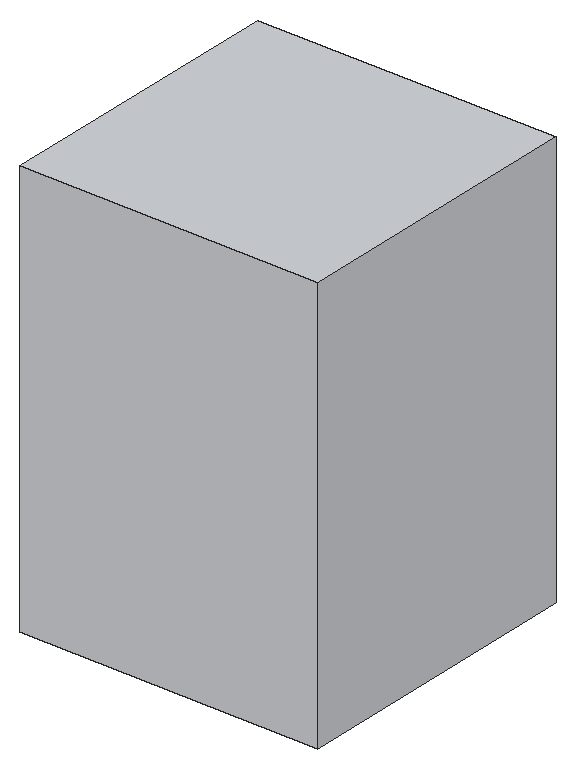
Revit family "5a54e2da796c4a7fbd5ba33e84a8d84f", category Site, Revit 2021
Family settings
  Round Connector Dimension = Use Radius
  Part Type = Normal
  Seek Item ID = Gas Connection-0000-USA-ENU
  Work Plane-Based = No
  Always vertical = Yes
  Cut with Voids When Loaded = No
  Shared = No
Parameters (values of type "28"x28"")
  Width = 3' - 4"
  Outlet Radius [instance] = 0' - 1"
  Outlet Diameter [instance] = 2 * Outlet Radius  # 0' - 2"
  Length = 3' - 4"
  Inlet Radius [instance] = 0' - 1"
  Inlet Offset from Outlet [instance] = 0' - 0"
  Well Top Offset from Level [instance] = 0' - 8"
  Inlet Center Offset from Level [instance] = 3' - 3"
  Inlet Diameter [instance] = 2 * Inlet Radius  # 0' - 2"
  Height = 4' - 8"
Types (3): name | Width | Outlet Radius | Outlet Diameter | Length | Inlet Radius | Inlet Center Offset from Level | Inlet Diameter | Height
  (no name) | 3' - 4" | 0' - 1" | 0' - 2" | 3' - 4" | 0' - 1" | 3' - 3" | 0' - 2" | 4' - 8"
  28"x28" | 3' - 4" | 0' - 1" | 0' - 2" | 3' - 4" | 0' - 1" | 3' - 3" | 0' - 2" | 4' - 8"
  40"x40" | 4' - 4" | 0' - 2" | 0' - 4" | 4' - 4" | 0' - 2" | 4' - 10" | 0' - 4" | 6' - 4"
Reference planes (in)
  plane 1 "Center (Front/Back)": y = 0
  plane 2: z = 0
  plane 3 "Center (Left/Right)": x = 0
  plane 4: z = -39
  plane 5: x = 40
  plane 6: z = -8
  plane 7: z = -64
  plane 8: y = 20
  plane 9: y = -20
  plane 10: z = -39
  plane 11: x = 20
Forms (in)
  Extrusion 1, solid
    sketch origin (0, 0, 0) x (1, 0, 0) y (0, 0, 1)
      loop
        line (0, -8) -> (0, -64) -> (40, -64) -> (40, -8) -> (0, -8)
    from -20 to 20
  Extrusion 2, solid
    sketch origin (0, 0, 0) x (0, 1, 0) y (0, 0, 1)
      loop
        circle (0, -39) r 1
    from 0 to 12
  Extrusion 3, solid
    sketch origin (0, 0, 0) x (0, 1, 0) y (0, 0, 1)
      loop
        circle (0, -39) r 1
    from 31.96151 to 40
Cuts and joins
  joined: Extrusion 1, Extrusion 2, Extrusion 3
Lines and regions (in)
  symbolic lines
    curve 1: line (0, 20, 0) -> (40, 20, 0)
    curve 2: line (0, -20, 0) -> (0, 20, 0)
    curve 3: line (40, -20, 0) -> (0, -20, 0)
    curve 4: line (40, 20, 0) -> (40, -20, 0)
Dimensions and locks (in)
  "Length": plane 5 to plane 3 "Center (Left/Right)"
  "Height": plane 6 to plane 7
  equal spacing: plane 9, plane 1 "Center (Front/Back)", plane 8
  "Width": plane 8 to plane 9
  "Inlet Offset from Outlet": plane 10 to plane 4
  "Well Top Offset from Level": plane 2 to plane 6
  "Inlet Center Offset from Level": plane 2 to plane 10
  equal spacing: plane 3 "Center (Left/Right)", plane 11, plane 5
  "Inlet Radius": radius of Extrusion 2 sketch curve
  "Outlet Radius": radius of Extrusion 3 sketch curve
  aligned and locked: level to plane 2
  aligned and locked: plane 3 "Center (Left/Right)" to Extrusion 1 sketch curve
  aligned and locked: Extrusion 1 sketch curve to plane 6
  aligned and locked: plane 7 to Extrusion 1 sketch curve
  aligned and locked: Extrusion 1 sketch curve to plane 5
  aligned and locked: plane 8 to Extrusion 1
  aligned and locked: Extrusion 1 to plane 9
  aligned and locked: plane 10 to Extrusion 2 sketch curve
  aligned and locked: plane 1 "Center (Front/Back)" to Extrusion 2 sketch curve
  aligned and locked: plane 4 to Extrusion 3 sketch curve
  aligned and locked: plane 1 "Center (Front/Back)" to Extrusion 3 sketch curve
  aligned and locked: Extrusion 2 to plane 3 "Center (Left/Right)"
  aligned and locked: plane 5 to Extrusion 3
  aligned and locked: plane 1 "Center (Front/Back)" to nested 1
  aligned and locked: plane 11 to nested 1
  aligned and locked: curve 1 to cut or joined group of Extrusion 1, Extrusion 2, Extrusion 3  (x2)
  aligned and locked: curve 4 to cut or joined group of Extrusion 1, Extrusion 2, Extrusion 3  (x2)
Nested families (in)
  nested 1: "Symbol" at (20, 0, 0), type "Symbol"
Connectors (in)
  piping at (0, 0, -39), diameter 2, driven by "Inlet Radius"
    settings: on Extrusion 2, index 1, connector inside diameter 2", connector length 0' - 0", flow factor 0, pipe flow 0 GPM, pressure drop 0.00 psi, fitting loss kfactor 0, connector angle 0.00°, fixture units 0, engagement length 0' - 0", angle of deflection 0.00°, flow configuration 0, flow direction 1, fitting loss method 0, system type 29, joint type 0, gender type 0, connector reference index 2, connector utility 1, adjustable connector no, is connector primary yes, connector description "Gas In"
  piping at (40, 0, -39), diameter 2, driven by "Outlet Radius"
    settings: on Extrusion 3, index 2, connector inside diameter 2", connector length 0' - 0", flow factor 0, pipe flow 0 GPM, pressure drop 0.00 psi, fitting loss kfactor 0, connector angle 0.00°, fixture units 0, engagement length 0' - 0", angle of deflection 0.00°, flow configuration 0, flow direction 2, fitting loss method 0, system type 29, joint type 0, gender type 0, connector reference index 1, connector utility 0, adjustable connector no, is connector primary no, connector description "Gas Out"
Definition of nested family "Symbol"
  Reference planes (in)
    plane 1: y = 0
    plane 2: x = 0
  Text (in)
    text "Gas" at (-0.12592, 0.07572, 0)
